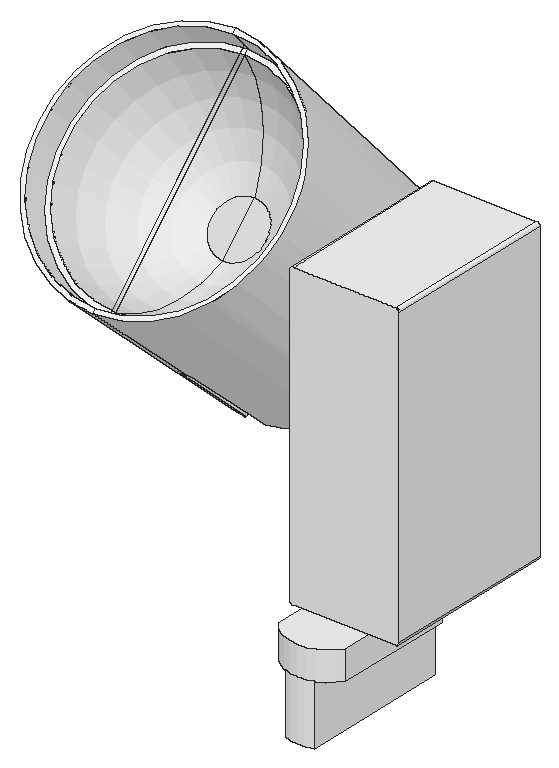
Revit family "0004822 Feilo Sylvania Lighting Fixture START TRACK SPOT L 55W 3K RA80 WB WHITE", category Lighting Fixtures, host Face, Revit 2017 (continued)
Definition of nested family "Start Track Spot Head"
  Types (96, lengths in mm): name | Wattage | built-in parameter 1150134 | Photometric Web File | Model | built-in parameter 1150105 | Lumens | built-in parameter 1150107 | built-in parameter 1150106 | HeadThickness_FEILO | HeadRibOffset_FEILO | HeadRibDepth_FEILO | HeadRibCutWidth_FEILO | HeadRibCutOffset_FEILO | HeadReflectorRadius_FEILO | HeadReflectorOffset_FEILO | HeadLEDRadius_FEILO | HeadHeight_FEILO | HeadDiffusorOffset_FEILO | HeadDiaOut_FEILO | HeadDiaIn_FEILO | HeadAxisFromTop_FEILO | Emit from Circle Diameter | built-in parameter 1150104 | Description | Apparent Load
    0004812 START TRACK SPOT S 14W 3K RA80 MB WHITE | 14 W | (empty or 0) | "0004812.ies" | "START TRACK SPOT S 14W 3K RA80 MB WHITE" | 120.32 (stored number, unit not read) | 1512 lm | 3000 (stored number, unit not read) | 1.2032 (stored number, unit not read) | 1.5 | 4.179 | 55.714 | 7.167 | 50.87 | 50.588 | 55.714 | 9.556 | 117 | 9.435 | 86 | 77.477 | 69.354 | 77.477 | 10.034 (stored number, unit not read) | "Integrated LED spotlight, Textured White - RAL9016, compact and minimalist design, ideal for retail applications, die-cast aluminium body, passive cooling heatsink. Beam angle: 36°, color temperature: 3000K , total system power: 14W, total fixture output: 1508 lm, LOR: 100%, colour rendering: Ra: 80 typical, LED Chromaticity: 3 step MacAdam ellipse, lifetime: >50000 hours at L70B50, energy class: A++, A+, A, IR/UV free light source without heat radiation, operating voltage: 220-240V / 50-60Hz, drive current: 350mA, electronic driver, non-dimmable, power factor: 0.92, electrical protection: Class II, Global Track 3 Phase adapter suitable for Global trac 3-circuit tracks, ingress protection rating: IP20, suitable for internal environment only, horizontal rotation: 355°, vertical tilt: 90°, dimensions: Ø86x140x200, weight: 0.940kg." | 14 VA
    0004811 START TRACK SPOT S 14W 3K RA80 NB WHITE | 14 W | (empty or 0) | "0004811.ies" | "START TRACK SPOT S 14W 3K RA80 NB WHITE" | 123.66 (stored number, unit not read) | 1554 lm | 3000 (stored number, unit not read) | 1.2366 (stored number, unit not read) | 1.5 | 4.179 | 55.714 | 7.167 | 50.87 | 50.588 | 55.714 | 9.556 | 117 | 9.435 | 86 | 77.477 | 69.354 | 77.477 | 10.312 (stored number, unit not read) | "Integrated LED spotlight, Textured White - RAL9016, compact and minimalist design, ideal for retail applications, die-cast aluminium body, passive cooling heatsink. Beam angle: 12°, color temperature: 3000K , total system power: 14W, total fixture output: 1551 lm, LOR: 100%, colour rendering: Ra: 80 typical, LED Chromaticity: 3 step MacAdam ellipse, lifetime: >50000 hours at L70B50, energy class: A++, A+, A, IR/UV free light source without heat radiation, operating voltage: 220-240V / 50-60Hz, drive current: 350mA, electronic driver, non-dimmable, power factor: 0.92, electrical protection: Class II, Global Track 3 Phase adapter suitable for Global trac 3-circuit tracks, ingress protection rating: IP20, suitable for internal environment only, horizontal rotation: 355°, vertical tilt: 90°, dimensions: Ø86x140x200, weight: 0.940kg." | 14 VA
  Reference planes
    plane 1 "Center (Front/Back)": y = 0
    plane 2: z = 0
    plane 3 "Center (Left/Right)": x = 0
    plane 4: x = 43
    plane 5: x = -43
    plane 6: x = -38.739
    plane 7: x = 38.739
    plane 8: z = 69.354
    plane 9: z = -47.646
    plane 10: x = -41.5
    plane 11: x = -37.239
    plane 12: z = -38.211
    plane 13: z = -35.211
    plane 14: z = 8.068
    plane 15: x = -9.556
    plane 16: x = -28.667
    plane 17: x = -19.111
    plane 18: x = -27.167
    plane 19: x = -17.611
    plane 20: x = -8.056
    plane 21: z = 13.64
    plane 22: x = -29.667
    plane 23: x = -26.167
    plane 24: x = -20.111
    plane 25: x = -16.611
    plane 26: x = -10.556
    plane 27: x = -7.056
    plane 28: x = -36.239
    plane 29: x = -40.5
    plane 30: z = 65.175
    plane 31: z = 60.997
    plane 32: z = 56.818
    plane 33: z = 18.484
    plane 34: y = -43
    plane 35: y = 43
    plane 36: y = 3.583
    plane 37: y = -3.583
    plane 38: y = -2.583
    plane 39: y = 2.583
    plane 40: y = 46
    plane 41: z = 13.5
    plane 42: z = -13.5
    plane 43: y = 39
    plane 44: x = 4.708
    plane 45: x = -2.458
    plane 46: x = -1.458
    plane 47: x = 1.458
  Forms (mm)
    Extrusion 1, solid
      sketch origin (4.2, 0, 0) x (1, 0, 0) y (0, 1, 0)
        loop
          line (-1219.2, 1219.2) -> (-1219.2, -1219.2) -> (1219.2, -1219.2) -> (1219.2, 1219.2) -> (-1219.2, 1219.2)
      from 0 to -68.017
    Revolve 2, solid, material <- "Material_1_FEILO", detail levels medium+fine
      sketch origin (0, 0, 0) x (1, 0, 0) y (0, 0, 1)
        loop
          line (-43, -47.646) -> (-41.5, -47.646) -> (-40.5, -35.211) -> (-38.739, -35.211)
          arc (-38.739, -35.211) -> (-30.16, -9.517) -> (-9.556, 8.068) r 50.588
          line (-9.556, 8.068) -> (0, 8.068) -> (0, 13.64) -> (-16.611, 13.64) -> (-17.611, 60.997) -> (-19.111, 60.997) -> (-20.111, 13.64) -> (-36.239, 13.64) -> (-37.239, 69.354) -> (-38.739, 69.354) -> (-43, -47.646)
        axis (0, 69.354) -> (0, -47.646)
      angle from 360 to 0
    Extrusion 3, void
      sketch origin (0, 0, 0) x (0, 1, 0) y (0, 0, 1)
        loop
          line (-3.583, 69.354) -> (-2.583, 18.484) -> (1.932, 18.484) -> (2.932, 69.354) -> (-3.583, 69.354)
      from 43 to -43
    Revolve 4, solid, material <- "Material_2_FEILO", detail levels medium+fine
      sketch origin (0, 0, 0) x (1, 0, 0) y (0, 0, 1)
        loop
          line (-41.5, -38.211) -> (0, -38.211) -> (0, -35.211) -> (-41.5, -35.211) -> (-41.5, -38.211)
        axis (0, -35.211) -> (0, -38.211)
      angle from 360 to 0
    Revolve 5, solid, material <- "Material_1_FEILO"
      sketch origin (0, 0, 0) x (0, 1, 0) y (0, 0, 1)
        loop
          line (46, 0) -> (39, 0) -> (39, -13.5) -> (46, -13.5) -> (46, 0)
        axis (39, 0) -> (46, 0)
      angle from 360 to 0
    Revolve 6, solid, material <- "Material_1_FEILO", detail levels medium+fine
      sketch origin (0, 0, 0) x (1, 0, 0) y (0, 0, 1)
        loop
          line (-29.667, 13.64) -> (-26.167, 13.64) -> (-27.167, 65.175) -> (-28.667, 65.175) -> (-29.667, 13.64)
        loop
          line (-10.556, 13.64) -> (-7.056, 13.64) -> (-7.833, 56.818) -> (-9.778, 56.818) -> (-10.556, 13.64)
        axis (0, 65.175) -> (0, 13.64)
      angle from 360 to 0
    Extrusion 7, void
      sketch origin (0, 0, 0) x (1, 0, 0) y (0, 0, 1)
        loop
          line (4.708, 69.354) -> (-2.458, 69.354) -> (-1.458, 13.64) -> (1.458, 13.64) -> (4.708, 69.354)
      from -43 to 43
    Revolve 8, solid, material <- "Material_1_FEILO", detail levels coarse
      sketch origin (0, 0, 0) x (1, 0, 0) y (0, 0, 1)
        loop
          line (0, 69.354) -> (-38.739, 69.354) -> (-43, -47.646) -> (-41.5, -47.646) -> (-40.731, -38.211) -> (0, -38.211) -> (0, 69.354)
        axis (0, 69.354) -> (0, -47.646)
      angle from 360 to 0
  Cuts and joins
    Extrusion 3 cuts Revolve 2
    Extrusion 7 cuts Revolve 6
  Dimensions and locks
    equal spacing: plane 7, plane 3 "Center (Left/Right)", plane 6
    equal spacing: plane 4, plane 3 "Center (Left/Right)", plane 5
    "HeadDiaOut_FEILO": plane 4 to plane 5
    "HeadDiaIn_FEILO": plane 7 to plane 6
    "HeadHeight_FEILO": plane 8 to plane 9
    "HeadThickness_FEILO": plane 10 to plane 5
    "HeadThickness_FEILO": plane 11 to plane 6
    "HeadDiffusorOffset_FEILO": plane 12 to plane 9
    "HeadDiffusorThickness_FEILO": plane 13 to plane 12
    "HeadReflectorOffset_FEILO": plane 14 to plane 9
    "HeadLEDRadius_FEILO": plane 3 "Center (Left/Right)" to plane 15
    "HeadLEDRadius_FEILO": plane 15 to plane 17
    "HeadLEDRadius_FEILO": plane 17 to plane 16
    "HeadThickness_FEILO": plane 18 to plane 16
    "HeadThickness_FEILO": plane 19 to plane 17
    "HeadThickness_FEILO": plane 20 to plane 15
    "HeadRibDepth_FEILO": plane 8 to plane 21
    "HeadDraft_FEILO": plane 16 to plane 22
    "HeadDraft_FEILO": plane 23 to plane 18
    "HeadDraft_FEILO": plane 17 to plane 24
    "HeadDraft_FEILO": plane 25 to plane 19
    "HeadDraft_FEILO": plane 15 to plane 26
    "HeadDraft_FEILO": plane 27 to plane 20
    "HeadDraft_FEILO": plane 29 to plane 10
    "HeadDraft_FEILO": plane 28 to plane 11
    "HeadRibOffset_FEILO": plane 8 to plane 30
    "HeadRibOffset_FEILO": plane 30 to plane 31
    "HeadRibOffset_FEILO": plane 31 to plane 32
    "HeadAxisFromTop_FEILO": plane 8 to plane 2
    "HeadRibCutOffset_FEILO": plane 8 to plane 33
    equal spacing: plane 34, plane 1 "Center (Front/Back)", plane 35
    "HeadDiaOut_FEILO": plane 34 to plane 35
    equal spacing: plane 38, plane 1 "Center (Front/Back)", plane 39
    equal spacing: plane 37, plane 1 "Center (Front/Back)", plane 36
    "HeadRibCutWidth_FEILO": plane 37 to plane 36
    "HeadDraft_FEILO": plane 37 to plane 38
    locked: plane 35 to plane 40 at 3
    equal spacing: plane 41, plane 2, plane 42
    locked: plane 42 to plane 41 at 27
    locked: plane 43 to plane 35 at 4
    equal spacing: plane 45, imposter light, plane 44
    "HeadDraft_FEILO": plane 46 to plane 45
    "HeadRibCutWidth_FEILO": plane 44 to plane 45
    equal spacing: plane 47, plane 3 "Center (Left/Right)", plane 46
    "HeadReflectorRadius_FEILO": radius of Revolve 2 sketch curve
    aligned and locked: plane 2 to Extrusion 1
    aligned and locked: level to Extrusion 1
    aligned and locked: Revolve 2 sketch curve to plane 3 "Center (Left/Right)"  (x2)
    aligned and locked: plane 9 to Revolve 2 sketch curve  (x2)
    aligned and locked: plane 5 to Revolve 2 sketch curve
    aligned and locked: plane 10 to Revolve 2 sketch curve
    aligned and locked: plane 14 to Revolve 2 sketch curve
    aligned and locked: plane 8 to Revolve 2 sketch curve
    aligned and locked: Revolve 2 sketch curve to plane 13
    aligned and locked: plane 12 to Revolve 4 sketch curve
    aligned and locked: plane 3 "Center (Left/Right)" to Revolve 4 sketch curve
    aligned and locked: Revolve 4 sketch curve to plane 10
    aligned and locked: Revolve 4 sketch curve to plane 3 "Center (Left/Right)"
    aligned and locked: plane 12 to imposter light
    aligned and locked: imposter light to plane 1 "Center (Front/Back)"
    aligned and locked: Revolve 5 sketch curve to plane 2
    aligned and locked: plane 43 to Revolve 5 sketch curve
    aligned and locked: plane 42 to Revolve 5 sketch curve
    aligned and locked: Revolve 6 sketch curve to plane 3 "Center (Left/Right)"
    aligned and locked: plane 22 to Revolve 6 sketch curve
    aligned and locked: plane 30 to Revolve 6 sketch curve
    aligned and locked: plane 23 to Revolve 6 sketch curve
    aligned and locked: Revolve 6 sketch curve to plane 21  (x2)
    aligned and locked: plane 21 to Revolve 6 sketch curve
    aligned and locked: plane 17 to Revolve 2 sketch curve
    aligned and locked: plane 19 to Revolve 2 sketch curve
    aligned and locked: plane 31 to Revolve 2 sketch curve
    aligned and locked: plane 21 to Revolve 2 sketch curve
    aligned and locked: Extrusion 3 to plane 8
    aligned and locked: plane 33 to Extrusion 3
    aligned and locked: plane 8 to Extrusion 3 sketch curve
    aligned and locked: Extrusion 3 sketch curve to plane 33
    aligned and locked: Extrusion 3 to plane 5
    aligned and locked: plane 4 to Extrusion 3
    aligned and locked: plane 32 to Revolve 6 sketch curve
    aligned and locked: plane 44 to Extrusion 7 sketch curve
    aligned and locked: Extrusion 7 sketch curve to plane 8
    aligned and locked: plane 46 to Extrusion 7 sketch curve
    aligned and locked: plane 21 to Extrusion 7 sketch curve
    aligned and locked: plane 34 to Extrusion 7
    aligned and locked: Extrusion 7 to plane 35
    aligned and locked: Revolve 4 sketch curve to plane 13
    aligned and locked: Revolve 5 sketch curve to plane 40
    aligned and locked: Revolve 8 sketch curve to plane 3 "Center (Left/Right)"
    aligned and locked: Revolve 8 sketch curve to cut or joined group of Revolve 2, Extrusion 3  (x3)
    aligned and locked: plane 5 to Revolve 8 sketch curve
    aligned and locked: plane 3 "Center (Left/Right)" to Revolve 8 sketch curve
    aligned and locked: plane 12 to Revolve 8 sketch curve
  Automatic sketch dimensions
    Extrusion 1 sketch curve to Extrusion 1 sketch curve = 2438.4 mm  (x2)
    Extrusion 3 sketch curve to plane 37 = 0 mm
    Extrusion 3 sketch curve to plane 38 = 0 mm
    plane 39 to Extrusion 3 sketch curve = 0.651 mm
    Extrusion 3 sketch curve to plane 39 = 0.349 mm
    Revolve 6 sketch curve to plane 16 = 0 mm
    Revolve 6 sketch curve to plane 18 = 0 mm
    Revolve 6 sketch curve to plane 26 = 0 mm
    Revolve 6 sketch curve to plane 27 = 0 mm
    Revolve 6 sketch curve to plane 15 = 0.222 mm
    plane 9 to Revolve 6 sketch curve = 559.103 mm
    Revolve 6 sketch curve to plane 8 = 2535.555 mm
    plane 20 to Revolve 6 sketch curve = 0.222 mm
    Revolve 2 sketch curve to plane 29 = 0 mm
    Revolve 2 sketch curve to plane 6 = 0 mm  (x2)
    Revolve 2 sketch curve to plane 11 = 0 mm
    Revolve 2 sketch curve to plane 21 = 0 mm
    Revolve 2 sketch curve to plane 28 = 0 mm
    Revolve 2 sketch curve to plane 24 = 0 mm
    Revolve 2 sketch curve to plane 25 = 0 mm
    Revolve 2 sketch curve to plane 15 = 0 mm
    Revolve 2 sketch curve to Revolve 2 sketch curve = 557.155 mm
    Revolve 2 sketch curve to plane 8 = 2535.558 mm
    Extrusion 7 sketch curve to plane 45 = 0 mm
    Extrusion 7 sketch curve to plane 47 = 0 mm
    plane 9 to Revolve 4 sketch curve = 559.103 mm
    Revolve 4 sketch curve to plane 8 = 2535.555 mm
    Revolve 5 sketch curve to level = 0 mm
    plane 34 to Revolve 5 sketch curve = 1968.092 mm
    Revolve 5 sketch curve to plane 40 = 1405.763 mm
    Revolve 8 sketch curve to plane 6 = 0 mm
    Revolve 8 sketch curve to plane 29 = 0.231 mm
    plane 9 to Revolve 8 sketch curve = 559.103 mm
    Revolve 8 sketch curve to Revolve 8 sketch curve = 2535.555 mm
Definition of nested family "Start Track Spot Box"
  Parameters (values of type "Type Large White")
    URL = "http://www.feilosylvania.com"
    Type Image = (empty or 0)
    Type Comments = "n/a"
    Small_FEILO = no
    Material_3_FEILO = none
    Model = ""
    Manufacturer = "Feilo Sylvania"
    Keynote = ""
    Material_2_FEILO = none
    Description = ""
    Default Elevation = 1219.2 mm
    Cost = 0
    Material_1_FEILO = none
    BoxWidth_FEILO = 49 mm
    BoxStartAngle_FEILO [instance] = 0.00°
    BoxRadius_FEILO = 1.5 mm
    BoxHeight_FEILO = if(Small_FEILO, 112 mm, 136 mm)  # 136 mm
    BoxEndAngle_FEILO [instance] = BoxStartAngle_FEILO - 180.00°  # -180.00°
    BoxDepth_FEILO = if(Small_FEILO, 71.5 mm, 79 mm)  # 79 mm
    BoxAxisVerticalOffset_FEILO = 16 mm
    BoxAxisOffset_FEILO = BoxHeight_FEILO / 6.8  # 20 mm
    Assembly Code = ""
    Material_4_FEILO = none
  Types (4, lengths in mm): name | Small_FEILO | BoxHeight_FEILO | BoxDepth_FEILO | BoxAxisOffset_FEILO
    Type Large White | no | 136 | 79 | 20
    Type Small White | yes | 112 | 71.5 | 16.471
    Type Small Black | yes | 112 | 71.5 | 16.471
    Type Large Black | no | 136 | 79 | 20
  Reference planes
    plane 1 "Center (Front/Back)": y = 0
    plane 2: z = 0
    plane 3 "Center (Left/Right)": x = 0
    plane 4: x = 24.5
    plane 5: x = -24.5
    plane 6: y = 68
    plane 7: y = -68
    plane 8: z = 39.5
    plane 9: z = -39.5
    plane 10: y = -48
    plane 11: x = 30.5
    plane 12: x = 8.5
    plane 13: x = 21.5
    plane 14: y = 70
    plane 15: y = 72
    plane 16: x = 19.5
  Forms (mm)
    Extrusion 1, solid
      sketch origin (4.2, 0, 0) x (1, 0, 0) y (0, 1, 0)
        loop
          line (-1219.2, 1219.2) -> (-1219.2, -1219.2) -> (1219.2, -1219.2) -> (1219.2, 1219.2) -> (-1219.2, 1219.2)
      from 0 to -68.017
    Extrusion 2, solid, material <- "Material_1_FEILO"
      sketch origin (0, 0, 0) x (1, 0, 0) y (0, 1, 0)
        loop
          arc (-23, 68) -> (-24.061, 67.561) -> (-24.5, 66.5) r 1.5
          line (-24.5, 66.5) -> (-24.5, -66.5)
          arc (-24.5, -66.5) -> (-24.061, -67.561) -> (-23, -68) r 1.5
          line (-23, -68) -> (23, -68)
          arc (23, -68) -> (24.061, -67.561) -> (24.5, -66.5) r 1.5
          line (24.5, -66.5) -> (24.5, 66.5)
          arc (24.5, 66.5) -> (24.061, 67.561) -> (23, 68) r 1.5
          line (23, 68) -> (-23, 68)
      from -39.5 to 39.5
    Revolve 3, solid, not visible
      sketch origin (0, 0, 0) x (1, 0, 0) y (0, 1, 0)
        loop
          line (30.5, -48) -> (24.5, -48) -> (24.5, -68) -> (30.5, -68) -> (30.5, -48)
        axis (30.5, -48) -> (24.5, -48)
      angle from 0 <- "BoxStartAngle_FEILO" to -180 <- "BoxEndAngle_FEILO"
    Revolve 4, solid, material <- "Material_2_FEILO"
      sketch origin (0, 0, 0) x (1, 0, 0) y (0, 1, 0)
        loop
          line (8.5, 68) -> (19.5, 68) -> (19.5, 70) -> (21.5, 70) -> (21.5, 72) -> (8.5, 72) -> (8.5, 68)
        axis (8.5, 72) -> (8.5, 68)
      angle from 360 to 0
  Dimensions and locks
    equal spacing: plane 5, plane 3 "Center (Left/Right)", plane 4
    "BoxWidth_FEILO": plane 5 to plane 4
    equal spacing: plane 7, plane 1 "Center (Front/Back)", plane 6
    "BoxHeight_FEILO": plane 7 to plane 6
    equal spacing: plane 8, plane 2, plane 9
    "BoxDepth_FEILO": plane 8 to plane 9
    "BoxAxisOffset_FEILO": plane 7 to plane 10
    locked: plane 4 to plane 11 at 6
    "BoxAxisVerticalOffset_FEILO": plane 12 to plane 4
    locked: plane 12 to plane 13 at 13
    plane 6 to plane 14 to plane 15 = 2 mm locked, 2 mm locked
    locked: plane 12 to plane 16 at 11
    "BoxRadius_FEILO": radius of Extrusion 2 sketch curve  (x4)
    aligned and locked: plane 2 to Extrusion 1
    aligned and locked: level to Extrusion 1
    aligned and locked: plane 6 to Extrusion 2 sketch curve
    aligned and locked: plane 5 to Extrusion 2 sketch curve
    aligned and locked: Extrusion 2 sketch curve to plane 7
    aligned and locked: Extrusion 2 sketch curve to plane 4
    aligned and locked: Extrusion 2 to plane 8
    aligned and locked: plane 9 to Extrusion 2
    aligned and locked: Revolve 3 sketch curve to plane 10  (x2)
    aligned and locked: plane 11 to Revolve 3 sketch curve
    aligned and locked: Revolve 3 sketch curve to plane 4
    aligned and locked: plane 7 to Revolve 3 sketch curve
    aligned and locked: Revolve 4 sketch curve to plane 12
    aligned and locked: plane 6 to Revolve 4 sketch curve
    aligned and locked: plane 12 to Revolve 4 sketch curve
    aligned and locked: plane 15 to Revolve 4 sketch curve
    aligned and locked: Revolve 4 sketch curve to plane 13
    aligned and locked: Revolve 4 sketch curve to plane 14
    aligned and locked: Revolve 4 sketch curve to plane 16
    aligned and locked: Revolve 4 sketch curve to plane 6
  Automatic sketch dimensions
    Extrusion 1 sketch curve to Extrusion 1 sketch curve = 2438.4 mm  (x2)
    Revolve 3 sketch curve to plane 5 = 1499.5 mm
    plane 11 to Revolve 3 sketch curve = 1493.5 mm
    plane 15 to Revolve 4 sketch curve = 0 mm
    plane 7 to Revolve 4 sketch curve = 1456 mm
    Revolve 4 sketch curve to plane 15 = 1452 mm
